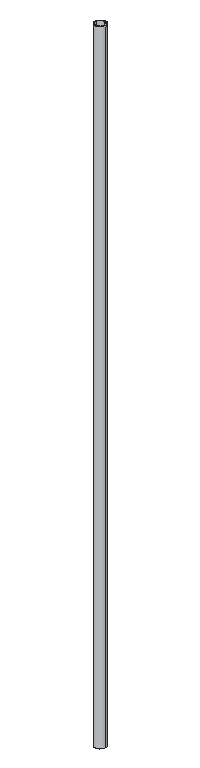
Revit family "土体测斜", category 常规模型, Revit 2016
Family settings
  零件类型 = 标准
  可将钢筋附着到主体 = 否
  圆形连接件大小 = 使用直径
  基于工作平面 = 否
  总是垂直 = 是
  加载时剪切的空心 = 否
  共享 = 否
  房间计算点 = 否
Parameters
  直径 = 200 mm
  监测数据 [instance] = ""
  深度 = 12000 mm
  测点编号 [instance] = "TX01"
  壁厚 = 20 mm
  内径 = 直径 - 2 * 壁厚  # 160 mm
Reference planes
  plane 1 "中心(前/后)": y = 0
  plane 2: z = 0
  plane 3 "中心(左/右)": x = 0
Forms (mm)
  Extrusion 1, solid
    sketch origin (3021.728, -229.593, 0) x (1, 0, 0) y (0, 1, 0)
      loop
        circle (-3021.728, 229.593) r 100
    from -12000 to 0
  Extrusion 2, void
    sketch origin (0, 0, 0) x (1, 0, 0) y (0, 1, 0)
      loop
        circle (0, 0) r 80
    from -12000 to 0
Cuts and joins
  Extrusion 2 cuts Extrusion 1
Dimensions and locks
  "深度": Extrusion 1 to Extrusion 1
  "直径": diameter of Extrusion 1 sketch curve
  "内径": diameter of Extrusion 2 sketch curve
  aligned and locked: level to plane 2
  aligned and locked: level to Extrusion 1
  aligned and locked: level to Extrusion 2
  aligned and locked: Extrusion 1 to Extrusion 2
Automatic sketch dimensions
  plane 1 "中心(前/后)" to Extrusion 1 sketch curve = 0 mm
  Extrusion 1 sketch curve to plane 3 "中心(左/右)" = 0 mm
  plane 1 "中心(前/后)" to Extrusion 2 sketch curve = 0 mm
  Extrusion 2 sketch curve to plane 3 "中心(左/右)" = 0 mm
